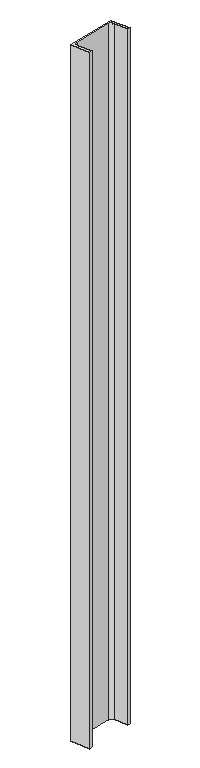
Revit family
Parameters (values of type "C 203x76x23.82")
  x = 21.4 mm
  기둥 재료 [instance] = 금속 - 스틸 - 345 MPa
  Assembly Code = ""
  A = 0.003 m²
  W = 0.234
  bf = 76.2 mm
  d = 203.2 mm
  tf = 11.5 mm
  tw = 7.1 mm
Reference planes
  plane 1 "중심(앞/뒤)": y = 0
  plane 2: z = 0
  plane 3 "중심(왼쪽/오른쪽)": x = 0
  plane 4 "오른쪽": x = 54.8
  plane 5 "뒤로": y = 101.6
  plane 6 "앞면": y = -101.6
  plane 7 "왼쪽": x = -21.4
Forms (mm)
  Sweep 1, solid, material "금속 - 스틸 - 345 MPa" <- "기둥 재료", detail levels fine
    path origin (0, 0, 0) x (1, 0, 0) y (0, 0, 1)
      loop
        line (0, 2500) -> (0, 0)
    profile "M_평행 채널-프로파일-섬세 : M_평행 채널-프로파일-섬세" origin (0, 0, 1250) x (1, 0, 0) y (0, -1, 0)
      loop
        line (-21.4, -101.6) -> (54.8, -101.6) -> (54.8, -90.1) -> (-2.3, -90.1)
        arc (-2.3, -90.1) -> (-10.785, -86.585) -> (-14.3, -78.1) r 12
        line (-14.3, -78.1) -> (-14.3, 78.1)
        arc (-14.3, 78.1) -> (-10.785, 86.585) -> (-2.3, 90.1) r 12
        line (-2.3, 90.1) -> (54.8, 90.1) -> (54.8, 101.6) -> (-21.4, 101.6) -> (-21.4, -101.6)
  Sweep 2, solid, material "금속 - 스틸 - 345 MPa" <- "기둥 재료", detail levels medium
    path origin (0, 0, 0) x (1, 0, 0) y (0, 0, 1)
      loop
        line (0, 2500) -> (0, 0)
    profile "M_평행 채널-프로파일-중간 : M_평행 채널-프로파일-중간" origin (0, 0, 1250) x (1, 0, 0) y (0, -1, 0)
      loop
        line (-21.4, -101.6) -> (54.8, -101.6) -> (54.8, -90.1) -> (-14.3, -90.1) -> (-14.3, 90.1) -> (54.8, 90.1) -> (54.8, 101.6) -> (-21.4, 101.6) -> (-21.4, -101.6)
Lines and regions (mm)
  symbolic lines, style "숨겨진 면", detail levels medium+fine
    curve 1: line (-14.3, 0, 2500) -> (-14.3, 0, 0)
  symbolic lines, style "StructuralColumnStickSymbols", detail levels coarse
    curve 2: line (-21.4, 101.6, 0) -> (-21.4, -101.6, 0)
    curve 3: line (-21.4, 101.6, 0) -> (54.8, 101.6, 0)
    curve 4: line (-21.4, -101.6, 0) -> (54.8, -101.6, 0)
Dimensions and locks
  equal spacing: plane 6 "앞면", plane 1 "중심(앞/뒤)", plane 5 "뒤로"
  "d": plane 6 "앞면" to plane 5 "뒤로"
  "x": plane 7 "왼쪽" to plane 3 "중심(왼쪽/오른쪽)"
  "bf": plane 7 "왼쪽" to plane 4 "오른쪽"
  aligned and locked: level to plane 2
  aligned and locked: Sweep 2 sketch curve to plane 3 "중심(왼쪽/오른쪽)"
  aligned and locked: level to Sweep 2 sketch curve  (x2)
  aligned and locked: Sweep 1 sketch curve to plane 3 "중심(왼쪽/오른쪽)"
  aligned and locked: level to Sweep 1 sketch curve  (x2)
  aligned and locked: plane 4 "오른쪽" to curve 3
  aligned and locked: plane 4 "오른쪽" to curve 4
  aligned and locked: plane 5 "뒤로" to curve 3
  aligned and locked: plane 6 "앞면" to curve 4
  aligned and locked: curve 2 to plane 7 "왼쪽"
  aligned and locked: curve 1 to Sweep 2
  aligned and locked: level to curve 1  (x2)
